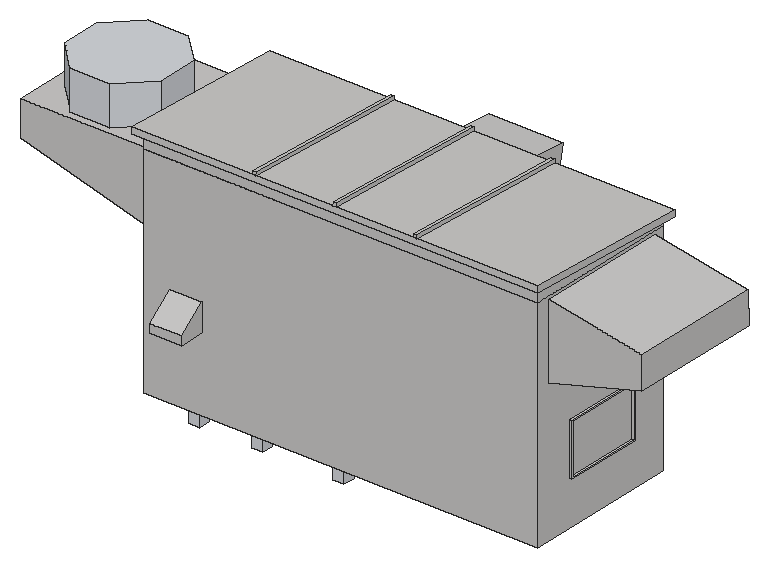
Revit family "DN2_2.0_RT_ECH_1FP", category Mechanical Equipment, Revit 2019
Family settings
  Round Connector Dimension = Use Diameter
  Part Type = Normal
  OmniClass Number = 23.75.00.00
  OmniClass Title = Climate Control (HVAC)
  Work Plane-Based = No
  Always vertical = Yes
  Cut with Voids When Loaded = No
  Shared = No
  Room Calculation Point = No
Parameters (values of type "2 @ 3HP ea. 460V")
  Voltage [instance] = "460V"
  Unit Weight Range (lbs) [instance] = "2450-3150 lbs."
  Refrigerant = "R410A"
  Number of Condenser Fans = "Qty. 1, EC motor, Direct drive"
  Nominal Capacity Range = "2T - 10T"
  Max. Shipping Weight (lbs) [instance] = "2450-3150 lbs."
  Unit Dimensions (L x W x H) [instance] = "189-3/8\" x 76-3/4\" x 76-3/4\""
  Shipping Dimensions (Lx W x H) [instance] = "189-3/8\" x 76-3/4\" x 76-3/4\""
  Unit [instance] = Renewaire - Galvanized Steel
  URL = "www.renewaire.com"
  Typical Airflow Range = "375-1,650 CFM"
  Standard Features [instance] = "EC Motors for both airstreams, Direct drive backward inclined plenum, Higher ESP of up to 2\" w.g. at 1,500 CFM, Integrated programmable controls, True 100% face and bypass enthalpy based modulating economizer, Class 1 low leakage motorized isolation dampers, Stainless steel double-sloped drain pan with cooling option, 1\" Double wall foam injected 20 gauge galvanized panel construction with R6.5 insulation"
  Service Area Visibility [instance] = yes
  Service Area Box [instance] = Renewaire - Interference
  Revit Object Download Link [instance] = ""
  Phase [instance] = "Three"
  Options [instance] = "DX, heat pump, or chilled water cooling coil, Modulating hot gas reheat, Steam or hot water coil, gas heat module or electric heater, Onboard variable frequency drives (VFDs) - both airstreams, Fused disconnect, Spring isolators (VFDs only), 2\" Double wall foam injected 20 gauge galvanized panel construction with R13 insulation, Exterior paint - grey, white, custom color, Salt spray - 2500 hours, BACNET factory activation, GFCI convenience outlet, Recirculation damper, Drain overflow switch, Mist Eliminator, Electrofin coating for coils"
  Number Motors [instance] = "Qty. 2, Direct drive motorized impeller packages"
  Model = "DN-2RT-1FP-ECH-PKG"
  Manufacturer = "Renewaire LLC"
  Inlets/Outlets [instance] = "OA & RA Inlets: 24\" x 16\", SA Outlet: 24\" x 16\", EA Outlet: 20\" x 16\""
  Frequency [instance] = "60 Hz"
  Filters [instance] = "Total qty. 4, MERV 8: 16\" x 20\" x 2\""
  Features [instance] = "BLDC Variable Speed Compressor, Integrated Refrigeration Controller, Electronic Expansion Valve, Filter Drier, Sight Glass"
  Energy Recovery Type [instance] = "Static plate total energy transfer"
  Description = "Energy Recovery Ventilator"
  Cost = 0
  Available Options = "Fixed Speed Compressor, Suction Accumlator w/HGRH, Modulating 3-way Valve w/HGRH"
  Accessories [instance] = "Filters - MERV 13, 2\"  and 4\" (shipped loose), MERV 14, 2\" and 4\" (shipped loose), Additional filters available upon request, Duct mounted electric pre-heater (separately powered), Carbon dioxide sensor/control - wall mount (CO2-W), duct mount (CO2-D), IAQ sensor - wall mount (IAQ-W), duct mount (IAQ-D), Motion occupancy sensor/control - ceiling mount (MC-C), wall mount (MC-W), Smoke detector, Room temperature and humidity sensor, Duct static pressure sensor with display to 10\", without display 0-2\", Room pressure sensor with display to 1\", without display 0-1\", Waterless trap negative pressure, waterless trap positive pressure, Remote display"
  AHRI 1060 Certified Core [instance] = "One L-62-G5 and one L-125-G5"
Types (7): name | Voltage | Phase | Options
  (no name) | "460V" | "Three" | "DX, heat pump, or chilled water cooling coil, Modulating hot gas reheat, Steam or hot water coil, gas heat module or electric heater, Onboard variable frequency drives (VFDs) - both airstreams, Fused disconnect, Spring isolators (VFDs only), 2\" Double wall foam injected 20 gauge galvanized panel construction with R13 insulation, Exterior paint - grey, white, custom color, Salt spray - 2500 hours, BACNET factory activation, GFCI convenience outlet, Recirculation damper, Drain overflow switch, Mist Eliminator, Electrofin coating for coils"
  2 @ 1.35 kW ea. | "200-277 V" | "Single" | "DX, Modulating hot gas reheat, Steam or hot water coil, gas heat module or electric heater, Onboard variable frequency drives (VFDs) - both airstreams, Fused disconnect, Spring isolators (VFDs only), 2\" Double wall foam injected 20 gauge galvanized panel construction with R13 insulation, Exterior paint - grey, white, custom color, Salt spray - 2500 hours, BACNET factory activation, GFCI convenience outlet, Recirculation damper, Drain overflow switch, Mist Eliminator, Electrofin coating for coils"
  2 @ 2.70 kW ea. | "200-240 V" | "Three" | "DX, heat pump, or chilled water cooling coil, Modulating hot gas reheat, Steam or hot water coil, gas heat module or electric heater, Onboard variable frequency drives (VFDs) - both airstreams, Fused disconnect, Spring isolators (VFDs only), 2\" Double wall foam injected 20 gauge galvanized panel construction with R13 insulation, Exterior paint - grey, white, custom color, Salt spray - 2500 hours, BACNET factory activation, GFCI convenience outlet, Recirculation damper, Drain overflow switch, Mist Eliminator, Electrofin coating for coils"
  2 @ 3.70 kW ea. | "380-480 V" | "Three" | "DX, heat pump, or chilled water cooling coil, Modulating hot gas reheat, Steam or hot water coil, gas heat module or electric heater, Onboard variable frequency drives (VFDs) - both airstreams, Fused disconnect, Spring isolators (VFDs only), 2\" Double wall foam injected 20 gauge galvanized panel construction with R13 insulation, Exterior paint - grey, white, custom color, Salt spray - 2500 hours, BACNET factory activation, GFCI convenience outlet, Recirculation damper, Drain overflow switch, Mist Eliminator, Electrofin coating for coils"
  2 @ 3HP ea. 208-230V | "208-230 V" | "Three" | "DX, heat pump, or chilled water cooling coil, Modulating hot gas reheat, Steam or hot water coil, gas heat module or electric heater, Onboard variable frequency drives (VFDs) - both airstreams, Fused disconnect, Spring isolators (VFDs only), 2\" Double wall foam injected 20 gauge galvanized panel construction with R13 insulation, Exterior paint - grey, white, custom color, Salt spray - 2500 hours, BACNET factory activation, GFCI convenience outlet, Recirculation damper, Drain overflow switch, Mist Eliminator, Electrofin coating for coils"
  2 @ 3HP ea. 460V | "460V" | "Three" | "DX, heat pump, or chilled water cooling coil, Modulating hot gas reheat, Steam or hot water coil, gas heat module or electric heater, Onboard variable frequency drives (VFDs) - both airstreams, Fused disconnect, Spring isolators (VFDs only), 2\" Double wall foam injected 20 gauge galvanized panel construction with R13 insulation, Exterior paint - grey, white, custom color, Salt spray - 2500 hours, BACNET factory activation, GFCI convenience outlet, Recirculation damper, Drain overflow switch, Mist Eliminator, Electrofin coating for coils"
  2 @ 3HP ea. 575V | "575V" | "Three" | "DX, heat pump, or chilled water cooling coil, Modulating hot gas reheat, Steam or hot water coil, gas heat module or electric heater, Onboard variable frequency drives (VFDs) - both airstreams, Fused disconnect, Spring isolators (VFDs only), 2\" Double wall foam injected 20 gauge galvanized panel construction with R13 insulation, Exterior paint - grey, white, custom color, Salt spray - 2500 hours, BACNET factory activation, GFCI convenience outlet, Recirculation damper, Drain overflow switch, Mist Eliminator, Electrofin coating for coils"
Reference planes (in)
  plane 1 "Center (Front/Back)": y = 0
  plane 2: z = 0
  plane 3 "Center (Left/Right)": x = 0
  plane 4: y = -24
  plane 5: x = -60
Forms (in)
  Extrusion 1, solid, material "Renewaire - Galvanized Steel" <- "Unit"
    sketch origin (0, 0, 0) x (1, 0, 0) y (0, 1, 0)
      loop
        line (-60, 23.99995) -> (-60, -24) -> (60, -24) -> (60, 23.99995) -> (-60, 23.99995)
    from 0 to 66.875
  Extrusion 2, void
    sketch origin (0, 0, 0) x (1, 0, 0) y (0, 1, 0)
      loop
        line (-57.99999, 21.99995) -> (-57.99999, -22) -> (57.89381, -22) -> (57.89381, 21.99995) -> (-57.99999, 21.99995)
    from 0 to 8
  Extrusion 3, void
    sketch origin (0, 0, 0) x (1, 0, 0) y (0, 1, 0)
      loop
        line (-53.93058, 17.99994) -> (-53.93058, -6.00006) -> (-37.93058, -6.00006) -> (-37.93058, 17.99994) -> (-53.93058, 17.99994)
      loop
        line (37.89381, 11.99993) -> (37.89381, -12.00007) -> (53.89381, -12.00007) -> (53.89381, 11.99993) -> (37.89381, 11.99993)
    from 7 to 8.125
  Extrusion 4, solid, material "Renewaire - Galvanized Steel" <- "Unit"
    sketch origin (0, 0, 2) x (0, 1, 0) y (0, 0, 1)
      loop
        line (18.60019, 30.89209) -> (-5.39982, 30.89209) -> (-5.39982, 14.89209) -> (18.60019, 14.89209) -> (18.60019, 30.89209)
      loop
        line (18.35019, 30.64209) -> (-5.14982, 30.64209) -> (-5.14982, 15.14209) -> (18.35019, 15.14209) -> (18.35019, 30.64209)
    from -60 to -61
  Extrusion 5, solid, material "Renewaire - Galvanized Steel" <- "Unit"
    sketch origin (0, 0, 2) x (0, 1, 0) y (0, 0, 1)
      loop
        line (-12.00006, 27.784) -> (-12.00006, 11.78399) -> (11.99994, 11.78399) -> (11.99994, 27.784) -> (-12.00006, 27.784)
      loop
        line (-11.75006, 27.534) -> (-11.75006, 12.03399) -> (11.74994, 12.03399) -> (11.74994, 27.534) -> (-11.75006, 27.534)
    from 60 to 61
  Extrusion 6, solid, material "Renewaire - Galvanized Steel" <- "Unit"
    sketch origin (0, -0.12096, 0) x (0, 1, 0) y (0, 0, 1)
      loop
        line (24.12092, 65.36526) -> (24.12092, 47.19321) -> (33.39638, 47.19321) -> (43.40138, 56.85493) -> (45.18786, 63.52214) -> (24.12092, 65.36526)
    from 12.5814 to -9.96261
  Extrusion 7, solid, material "Renewaire - Galvanized Steel" <- "Unit"
    sketch origin (0, 0, 0) x (0, 1, 0) y (0, 0, 1)
      loop
        line (-24, 31.20717) -> (-31.6831, 25.20447) -> (-31.6831, 22.70447) -> (-24, 22.70447) -> (-24, 31.20717)
    from -42.22506 to -51.99982
  Extrusion 8, solid, material "Renewaire - Galvanized Steel" <- "Unit"
    sketch origin (0, 0, 0) x (1, 0, 0) y (0, 0, 1)
      loop
        line (-60, 29.90852) -> (-63.62222, 28.93794) -> (-62.38755, 24.3301) -> (-60, 24.3301) -> (-60, 29.90852)
    from 11.98794 to 7.18094
  Extrusion 9, solid, material "Renewaire - Galvanized Steel" <- "Unit"
    sketch origin (0, 0, 0) x (0, 1, 0) y (0, 0, 1)
      loop
        line (23.99995, 69.02245) -> (-24, 71.17151) -> (-24, 66.875) -> (23.99995, 66.875) -> (23.99995, 69.02245)
    from 60 to -60
  Extrusion 10, solid, material "Renewaire - Galvanized Steel" <- "Unit"
    sketch origin (0, 0, 0) x (0, 1, 0) y (0, 0, 1)
      loop
        line (26.25341, 70.90076) -> (-26.19982, 73.11627) -> (-26.28422, 71.11805) -> (26.16901, 68.90254) -> (26.25341, 70.90076)
    from 61.85788 to -61.91071
  Extrusion 11, solid, material "Renewaire - Galvanized Steel" <- "Unit"
    sketch origin (0, 0, 0) x (0, 1, 0) y (0, 0, 1)
      loop
        line (26.25341, 70.90076) -> (26.29557, 71.89898) -> (-26.15766, 74.11449) -> (-26.19982, 73.11627) -> (26.25341, 70.90076)
    from 0.5 to -0.5
  Extrusion 12, solid, material "Renewaire - Galvanized Steel" <- "Unit"
    sketch origin (0, 0, 0) x (0, 1, 0) y (0, 0, 1)
      loop
        line (26.25341, 70.90076) -> (26.29557, 71.89898) -> (-26.15766, 74.11449) -> (-26.19982, 73.11627) -> (26.25341, 70.90076)
    from -24 to -25
  Extrusion 13, solid, material "Renewaire - Galvanized Steel" <- "Unit"
    sketch origin (0, 0, 0) x (0, 1, 0) y (0, 0, 1)
      loop
        line (26.25341, 70.90076) -> (26.29557, 71.89898) -> (-26.15766, 74.11449) -> (-26.19982, 73.11627) -> (26.25341, 70.90076)
    from 24 to 25
  Extrusion 14, solid, material "Renewaire - Galvanized Steel" <- "Unit"
    sketch origin (-0.04435, 0.33008, -0.03583) x (1, 0, 0) y (0, 0, 1)
      loop
        line (60, 66.14512) -> (60, 43.33282) -> (88.73185, 51.12649) -> (88.73185, 61.07893) -> (60, 66.14512)
    from 20.33014 to -20.26562
  Extrusion 15, solid, material "Renewaire - Galvanized Steel" <- "Unit"
    sketch origin (3.06942, 0, -1.42423) x (-1, 0, 0) y (0, 0, -1)
      loop
        line (63.06942, -66.11208) -> (103.75692, -66.11208) -> (103.75692, -55.20212) -> (63.06942, -44.16541) -> (63.06942, -66.11208)
    from 20.33014 to -20.26562
  Extrusion 16, void
    sketch origin (-36, -3.82905, 0) x (0, -1, 0) y (1, 0, 0)
      loop
        line (-66.08246, 124.6875) -> (-66.08246, -64.6875) -> (62.45517, -64.6875) -> (62.45517, 124.6875) -> (-66.08246, 124.6875)
    from 74.11449 to 0
  Extrusion 17, solid
    sketch origin (71.61109, -60.68372, 93.73996) x (0.999048, 0.043619, 0) y (-0.043619, 0.999048, 0)
      loop
        line (-143.41504, 78.57827) -> (-155.64926, 79.11243) -> (-164.67786, 70.83924) -> (-165.21202, 58.60502) -> (-156.93883, 49.57642) -> (-144.70461, 49.04226) -> (-135.67601, 57.31545) -> (-135.14185, 69.54967) -> (-143.41504, 78.57827)
    from -16.98996 to -29.05211
  Extrusion 18, void
    sketch origin (-36.36644, 31.56324, 68.24609) x (0, -1, 0) y (1, 0, 0)
      loop
        line (11.29761, -25.54427) -> (11.29761, -64.32106) -> (51.89337, -64.32106) -> (51.89337, -25.54427) -> (11.29761, -25.54427)
    from 56.50216 to 8.50391
  Extrusion 19, solid
    sketch origin (5.48742, -5.09555, 24) x (1, 0, 0) y (0, 1, 0)
      loop
        line (-59.418, 19.7205) -> (-51.23741, 19.7205) -> (-51.23741, 23.22048) -> (-59.418, 23.22048) -> (-59.418, 19.7205)
      loop
        line (-37.04601, 19.7205) -> (-33.29601, 19.7205) -> (-33.29601, 23.22048) -> (-37.04601, 23.22048) -> (-37.04601, 19.7205)
    from -24 to -29
  Extrusion 20, solid
    sketch origin (1.55076, -0.56773, 24) x (1, 0, 0) y (0, 1, 0)
      loop
        line (-49.80076, -17.68227) -> (-49.80076, -21.18227) -> (-46.30076, -21.18227) -> (-46.30076, -17.68227) -> (-49.80076, -17.68227)
    from -24 to -29
  Extrusion 21, solid
    sketch origin (20.80076, -0.56773, 24) x (1, 0, 0) y (0, 1, 0)
      loop
        line (-49.80076, -17.68227) -> (-49.80076, -21.18227) -> (-46.30076, -21.18227) -> (-46.30076, -17.68227) -> (-49.80076, -17.68227)
    from -24 to -29
  Extrusion 22, solid
    sketch origin (45.55076, -0.56773, 24) x (1, 0, 0) y (0, 1, 0)
      loop
        line (-49.80076, -17.68227) -> (-49.80076, -21.18227) -> (-46.30076, -21.18227) -> (-46.30076, -17.68227) -> (-49.80076, -17.68227)
    from -24 to -29
  Extrusion 23, solid
    sketch origin (-13.12983, 1.68227, 66.74119) x (1, 0, 0) y (0, 1, 0)
      loop
        line (-48.37017, -17.68227) -> (-48.37017, -21.18227) -> (-46.87017, -21.18227) -> (-46.87017, -17.68227) -> (-48.37017, -17.68227)
    from -24 to -29
Cuts and joins
  Extrusion 2, Extrusion 3 cuts Extrusion 1
Lines and regions (in)
  model lines
    curve 1: line (-53.93058, 17.99994, 0) -> (-37.93058, 17.99994, 0)
    curve 2: line (-37.93058, 17.99994, 0) -> (-37.93058, -6.00006, 0)
    curve 3: line (-37.93058, -6.00006, 0) -> (-53.93058, -6.00006, 0)
    curve 4: line (-53.93058, -6.00006, 0) -> (-53.93058, 17.99994, 0)
Dimensions and locks (in)
  aligned and locked: level to plane 2
Connectors (in)
  hvac at (61, -0.00006, 21.784)
    settings: on Extrusion 5, index 2, duct flow 0 CFM, flow factor 0, pres drop 0.00 in-wg, loss coef 0, conn angle 0.00°, conn width 24", conn height 16", conn diameter 24", duct sys type 2, conn prof type 1, flow config 0, flow direction 1, loss method 0, conn ref index -1, conn util no, is conn primary yes, conn desc "Return Air (RA)"
  hvac at (-61, 6.60018, 24.89209)
    settings: on Extrusion 4, index 6, duct flow 0 CFM, flow factor 0, pres drop 0.00 in-wg, loss coef 0, conn angle 0.00°, conn width 24", conn height 16", conn diameter 24", duct sys type 1, conn prof type 1, flow config 0, flow direction 2, loss method 0, conn ref index -1, conn util no, is conn primary no, conn desc "Supply Air (SA)"
  hvac at (-45.93058, 5.99994, 8.125)
    settings: on cut or joined group of Extrusion 1, Extrusion 2, Extrusion 3, index 7, duct flow 0 CFM, flow factor 0, pres drop 0.00 in-wg, loss coef 0, conn angle 0.00°, conn width 24", conn height 16", conn diameter 24", duct sys type 1, conn prof type 1, flow config 0, flow direction 2, loss method 0, conn ref index -1, conn util no, is conn primary no, conn desc "Supply Air (SA)"
  hvac at (45.89381, -0.00007, 8.125)
    settings: on cut or joined group of Extrusion 1, Extrusion 2, Extrusion 3, index 8, duct flow 0 CFM, flow factor 0, pres drop 0.00 in-wg, loss coef 0, conn angle 0.00°, conn width 24", conn height 16", conn diameter 24", duct sys type 2, conn prof type 1, flow config 0, flow direction 1, loss method 0, conn ref index -1, conn util no, is conn primary no, conn desc "Return Air (RA)"
  piping at (-46.5, -20, -5), diameter 3.5
    settings: on Extrusion 20, index 10, connector inside diameter 24", connector length 0' - 0", flow factor 0, pipe flow 0 GPM, pressure drop 0.00 psi, fitting loss kfactor 0, connector angle 0.00°, fixture units 0, engagement length 0' - 0", angle of deflection 0.00°, flow configuration 0, flow direction 0, fitting loss method 0, system type 7, joint type 0, gender type 0, connector reference index -1, connector utility 0, adjustable connector no, is connector primary yes, connector description "1\" NPT DRAIN FAN BEFORE - HW (HORIZONTAL ONLY)"
  piping at (-27.25, -20, -5), diameter 3.5
    settings: on Extrusion 21, index 11, connector inside diameter 24", connector length 0' - 0", flow factor 0, pipe flow 0 GPM, pressure drop 0.00 psi, fitting loss kfactor 0, connector angle 0.00°, fixture units 0, engagement length 0' - 0", angle of deflection 0.00°, flow configuration 0, flow direction 0, fitting loss method 0, system type 7, joint type 0, gender type 0, connector reference index -1, connector utility 0, adjustable connector no, is connector primary no, connector description "1\" NPT DRAIN FAN BEFORE-DX FAN AFTER-HW"
  electrical at (-61.5, -17.75, 40.24119)
    settings: on Extrusion 23, index 12, voltage 0 V, apparent load 0 VA, apparent load phase1 0 VA, apparent load phase2 0 VA, apparent load phase3 0 VA, power factor 1, load classification "Other", number of poles 1, system type 30, power factor state 1, is connector primary yes, connector utility no, sub classification motor no, connector description ""
  piping at (-29.68359, 16.37494, -5), diameter 3.5
    settings: on Extrusion 19, index 13, connector inside diameter 24", connector length 0' - 0", flow factor 0, pipe flow 0 GPM, pressure drop 0.00 psi, fitting loss kfactor 0, connector angle 0.00°, fixture units 0, engagement length 0' - 0", angle of deflection 0.00°, flow configuration 0, flow direction 0, fitting loss method 0, system type 19, joint type 0, gender type 0, connector reference index -1, connector utility 0, adjustable connector no, is connector primary no, connector description "PIPING PENETRATIONS FAN AFTER - HW"
  piping at (-49.84029, 16.37494, -5), diameter 3.5
    settings: on Extrusion 19, index 14, connector inside diameter 24", connector length 0' - 0", flow factor 0, pipe flow 0 GPM, pressure drop 0.00 psi, fitting loss kfactor 0, connector angle 0.00°, fixture units 0, engagement length 0' - 0", angle of deflection 0.00°, flow configuration 0, flow direction 0, fitting loss method 0, system type 19, joint type 0, gender type 0, connector reference index -1, connector utility 0, adjustable connector no, is connector primary no, connector description "PIPING PENETRATIONS FAN BEFORE-HW (HORIZONTAL ONLY)"
  piping at (-2.5, -20, -5), diameter 3.5
    settings: on Extrusion 22, index 15, connector inside diameter 24", connector length 0' - 0", flow factor 0, pipe flow 0 GPM, pressure drop 0.00 psi, fitting loss kfactor 0, connector angle 0.00°, fixture units 0, engagement length 0' - 0", angle of deflection 0.00°, flow configuration 0, flow direction 0, fitting loss method 0, system type 7, joint type 0, gender type 0, connector reference index -1, connector utility 0, adjustable connector no, is connector primary no, connector description "1' NPT DRAIN FAN AFTER - DX"
